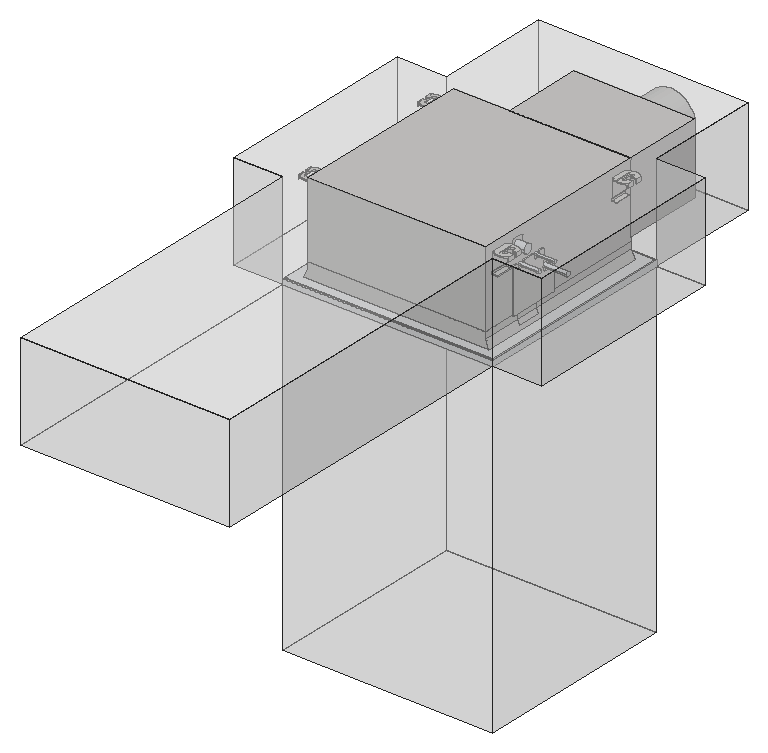
Revit family "outputfile", category 機械設備, Revit 2024 (continued)
Definition of nested family "daikin_connector_rotate2"
  Parameters (values of type "daikin_connector_rotate2")
    show_face = no
    radius [instance] = 10.0 mm
    length [instance] = 600.0 mm
    d_surface = 10.0 mm
    angle_vertical [instance] = 90.00°
    Default Elevation = 0.0 mm
  Reference planes
    plane 1 "Center (Front/Back)": y = 0
    plane 2: z = 0
    plane 3 "Center (Left/Right)": x = 0
  Forms (mm)
    Extrusion 1, solid, visible <- "show_face"
      sketch origin (0, -600, 0) x (1, 0, 0) y (0, 0, 1)
        loop
          circle (0, 0) r 10
      from 0 to -10
  Lines and regions (mm)
    reference lines
      curve 1: line (0, 0, 0) -> (0, -600, 0)
    symbolic lines
      curve 2: circle (0, 0, 0) r 5 normal (0, 0, 1)
    model lines, visible <- "show_face"
      curve 3: line (0, 0, 0) -> (0, -600, 0)
  Dimensions and locks
    "length": curve 1 to curve 1
    "length": curve 3 to curve 3
    "d_surface": Extrusion 1 to Extrusion 1
    "radius": radius of Extrusion 1 sketch curve
    "angle_vertical": angle curve 1 to plane 1 "Center (Front/Back)"
    "angle_vertical": angle curve 3 to plane 1 "Center (Front/Back)"
    aligned and locked: level to plane 2
    aligned and locked: plane 1 "Center (Front/Back)" to curve 1
    aligned and locked: plane 2 to curve 1
    aligned and locked: plane 1 "Center (Front/Back)" to curve 2
    aligned and locked: plane 3 "Center (Left/Right)" to curve 2
    aligned and locked: plane 1 "Center (Front/Back)" to curve 3
    aligned and locked: plane 2 to curve 3
    aligned and locked: Extrusion 1 to Extrusion 1
  Automatic sketch dimensions
    Extrusion 1 sketch curve to level = 0.0 mm
    Extrusion 1 sketch curve to plane 3 "Center (Left/Right)" = 0.0 mm
    radius of curve 2 = 5.0 mm
Definition of nested family "daikin_mountinghole"
  Parameters (values of type "daikin_mountinghole")
    Default Elevation = 1219.2 mm
    Type Comments = "mountinghole"
    show [instance] = yes
    material = none
    l_centerline = 100.0 mm
    l_antenna [instance] = 100.0 mm
    h_mountinghole [instance] = 0.0 mm
    d_circle = 30.0 mm
    Link_Nested Family [instance] = ""
  Reference planes
    plane 1 "Center (Front/Back)": y = 0
    plane 2: z = 0
    plane 3 "Center (Left/Right)": x = 0
    plane 4: y = 50
    plane 5: x = -50
    plane 6: x = 50
    plane 7: y = -50
    plane 8 "h_mountinghole": z = 0
    plane 9: z = 100
  Lines and regions (mm)
    model lines, detail levels fine
      curve 1: circle (0, 0, 0) r 15 normal (0, 0, 1)
      curve 2: line (-50, 0, 0) -> (50, 0, 0)
      curve 3: line (0, 50, 0) -> (0, -50, 0)
    symbolic lines, detail levels fine
      curve 4: circle (0, 0, 0) r 15 normal (0, 0, 1)
      curve 5: line (-50, 0, 0) -> (50, 0, 0)
      curve 6: line (0, 50, 0) -> (0, -50, 0)
    model lines
      curve 7: line (0, 0, 100) -> (0, 0, 0)
  Dimensions and locks
    equal spacing: plane 4, plane 1 "Center (Front/Back)", plane 7
    "l_centerline": plane 4 to plane 7
    equal spacing: plane 5, plane 3 "Center (Left/Right)", plane 6
    "l_centerline": plane 5 to plane 6
    "l_antenna": plane 9 to plane 8 "h_mountinghole"
    "h_mountinghole": plane 8 "h_mountinghole" to plane 2
    "d_circle": diameter of curve 1
    "d_circle": diameter of curve 4
    aligned and locked: level to plane 2
    aligned and locked: plane 1 "Center (Front/Back)" to curve 1
    aligned and locked: plane 3 "Center (Left/Right)" to curve 1
    aligned and locked: plane 1 "Center (Front/Back)" to curve 2
    aligned and locked: curve 3 to plane 3 "Center (Left/Right)"
    aligned and locked: plane 6 to curve 2
    aligned and locked: plane 5 to curve 2
    aligned and locked: plane 4 to curve 3
    aligned and locked: plane 7 to curve 3
    aligned and locked: plane 1 "Center (Front/Back)" to curve 4
    aligned and locked: plane 3 "Center (Left/Right)" to curve 4
    aligned and locked: plane 6 to curve 5
    aligned and locked: plane 5 to curve 5
    aligned and locked: plane 1 "Center (Front/Back)" to curve 5
    aligned and locked: plane 4 to curve 6
    aligned and locked: plane 7 to curve 6
    aligned and locked: curve 6 to plane 3 "Center (Left/Right)"
    aligned and locked: curve 7 to plane 3 "Center (Left/Right)"
    aligned and locked: plane 9 to curve 7
    aligned and locked: plane 8 "h_mountinghole" to curve 7
